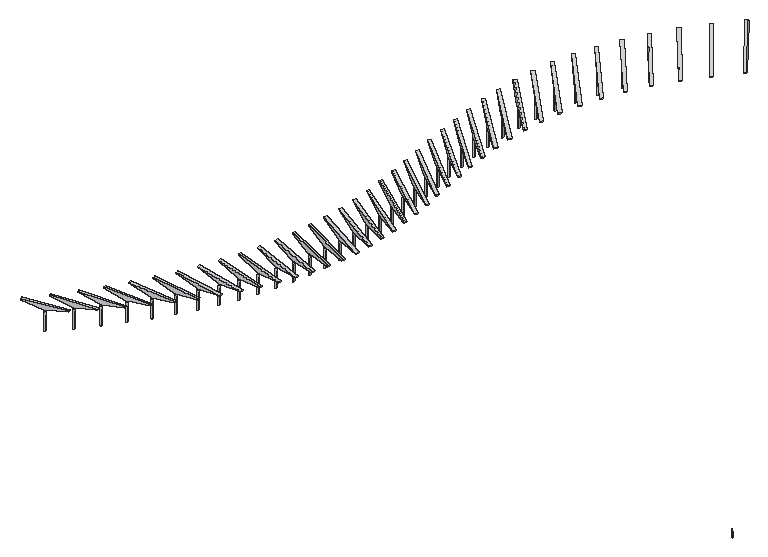
Revit family
Parameters
  Default Elevation = 1.2192 m
Reference planes (m)
  plane 1 "Centro (Fronte/Retro)": y = 0
  plane 2 "Centro (Sinistra/Destra)": x = 0
Lines and regions (m)
  model lines
    curve 1: arc (-7.3679, -5.712176, 0) -> (7.263527, -4.664926, 0) -> (2.753491, 9.293404, 0) r 9.31948
    curve 2: line (-27.857615, 41.631924, 0) -> (-44.94002, -14.830306, 0)
Nested families (m)
  nested 1: "bilancia" at (6.197981, -5.971853, 0) x (0.7201, -0.6938, 0) z (0, 0, 1), type "bilancia"
  nested 2: "FamBilValeria" at (-29.446651, 39.938462, 0) x (-0.5934, 0.8049, 0) z (0, 0, 1), type "Bilancia"
    with angolo1 58.50°, angolo 31.50°
  nested 3: "FamBilValeria" at (-30.817368, 38.263698, 0) x (-0.6273, 0.7788, 0) z (0, 0, 1), type "Bilancia"
    with angolo1 57.00°, angolo 33.00°
  nested 4: "FamBilValeria" at (-31.983697, 36.607551, 0) x (-0.6579, 0.7531, 0) z (0, 0, 1), type "Bilancia"
    with angolo1 55.50°, angolo 34.50°
  nested 5: "FamBilValeria" at (-32.959568, 34.969939, 0) x (-0.6859, 0.7277, 0) z (0, 0, 1), type "Bilancia"
    with angolo1 54.00°, angolo 36.00°
  nested 6: "FamBilValeria" at (-33.758912, 33.350781, 0) x (-0.7114, 0.7028, 0) z (0, 0, 1), type "Bilancia"
    with angolo1 52.50°, angolo 37.50°
  nested 7: "FamBilValeria" at (-34.395657, 31.749995, 0) x (-0.7348, 0.6783, 0) z (0, 0, 1), type "Bilancia"
    with angolo1 51.00°, angolo 39.00°
  nested 8: "FamBilValeria" at (-34.883736, 30.1675, 0) x (-0.7564, 0.6541, 0) z (0, 0, 1), type "Bilancia"
    with angolo1 49.50°, angolo 40.50°
  nested 9: "FamBilValeria" at (-35.237078, 28.603215, 0) x (-0.7764, 0.6302, 0) z (0, 0, 1), type "Bilancia"
    with angolo1 48.00°, angolo 42.00°
  nested 10: "FamBilValeria" at (-35.469613, 27.057058, 0) x (-0.7951, 0.6065, 0) z (0, 0, 1), type "Bilancia"
    with angolo1 46.50°, angolo 43.50°
  nested 11: "FamBilValeria" at (-35.595271, 25.528947, 0) x (-0.8126, 0.5828, 0) z (0, 0, 1), type "Bilancia"
    with angolo1 45.00°, angolo 45.00°
  nested 12: "FamBilValeria" at (-35.627983, 24.018801, 0) x (-0.8292, 0.559, 0) z (0, 0, 1), type "Bilancia"
    with angolo1 43.50°, angolo 46.50°
  nested 13: "FamBilValeria" at (-35.581679, 22.526539, 0) x (-0.8449, 0.5349, 0) z (0, 0, 1), type "Bilancia"
    with angolo1 42.00°, angolo 48.00°
  nested 14: "FamBilValeria" at (-35.47029, 21.052079, 0) x (-0.8599, 0.5104, 0) z (0, 0, 1), type "Bilancia"
    with angolo1 40.50°, angolo 49.50°
  nested 15: "FamBilValeria" at (-35.307744, 19.59534, 0) x (-0.8744, 0.4853, 0) z (0, 0, 1), type "Bilancia"
    with angolo1 39.00°, angolo 51.00°
  nested 16: "FamBilValeria" at (-35.107974, 18.15624, 0) x (-0.8882, 0.4594, 0) z (0, 0, 1), type "Bilancia"
    with angolo1 37.50°, angolo 52.50°
  nested 17: "FamBilValeria" at (-34.884909, 16.734698, 0) x (-0.9016, 0.4325, 0) z (0, 0, 1), type "Bilancia"
    with angolo1 36.00°, angolo 54.00°
  nested 18: "FamBilValeria" at (-34.652479, 15.330633, 0) x (-0.9145, 0.4046, 0) z (0, 0, 1), type "Bilancia"
    with angolo1 34.50°, angolo 55.50°
  nested 19: "FamBilValeria" at (-34.424614, 13.943962, 0) x (-0.9269, 0.3754, 0) z (0, 0, 1), type "Bilancia"
    with angolo1 33.00°, angolo 57.00°
  nested 20: "FamBilValeria" at (-34.215245, 12.574605, 0) x (-0.9386, 0.345, 0) z (0, 0, 1), type "Bilancia"
    with angolo1 31.50°, angolo 58.50°
  nested 21: "FamBilValeria" at (-34.038302, 11.22248, 0) x (-0.9497, 0.3131, 0) z (0, 0, 1), type "Bilancia"
    with angolo1 30.00°, angolo 60.00°
  nested 22: "FamBilValeria" at (-33.907673, 9.887497, 0) x (-0.96, 0.2799, 0) z (0, 0, 1), type "Bilancia"
    with angolo1 28.50°, angolo 61.50°
  nested 23: "FamBilValeria" at (-33.833376, 8.568867, 0) x (-0.9694, 0.2455, 0) z (0, 0, 1), type "Bilancia"
    with angolo1 27.00°, angolo 63.00°
  nested 24: "FamBilValeria" at (-33.818488, 7.264543, 0) x (-0.9777, 0.21, 0) z (0, 0, 1), type "Bilancia"
    with angolo1 25.50°, angolo 64.50°
  nested 25: "FamBilValeria" at (-33.865369, 5.972347, 0) x (-0.9848, 0.1737, 0) z (0, 0, 1), type "Bilancia"
    with angolo1 24.00°, angolo 66.00°
  nested 26: "FamBilValeria" at (-33.976376, 4.690102, 0) x (-0.9906, 0.1367, 0) z (0, 0, 1), type "Bilancia"
    with angolo1 22.50°, angolo 67.50°
  nested 27: "FamBilValeria" at (-34.153867, 3.415629, 0) x (-0.995, 0.0995, 0) z (0, 0, 1), type "Bilancia"
    with angolo1 21.00°, angolo 69.00°
  nested 28: "FamBilValeria" at (-34.4002, 2.146752, 0) x (-0.9981, 0.0623, 0) z (0, 0, 1), type "Bilancia"
    with angolo1 19.50°, angolo 70.50°
  nested 29: "FamBilValeria" at (-34.717734, 0.881292, 0) x (-0.9997, 0.0254, 0) z (0, 0, 1), type "Bilancia"
    with angolo1 18.00°, angolo 72.00°
  nested 30: "FamBilValeria" at (-35.108825, -0.382928, 0) x (-0.9999, -0.0109, 0) z (0, 0, 1), type "Bilancia"
    with angolo1 16.50°, angolo 73.50°
  nested 31: "FamBilValeria" at (-35.575832, -1.648086, 0) x (-0.9989, -0.0463, 0) z (0, 0, 1), type "Bilancia"
    with angolo1 15.00°, angolo 75.00°
  nested 32: "FamBilValeria" at (-36.121113, -2.916359, 0) x (-0.9968, -0.0805, 0) z (0, 0, 1), type "Bilancia"
    with angolo1 13.50°, angolo 76.50°
  nested 33: "FamBilValeria" at (-36.747026, -4.189924, 0) x (-0.9936, -0.1133, 0) z (0, 0, 1), type "Bilancia"
    with angolo1 12.00°, angolo 78.00°
  nested 34: "FamBilValeria" at (-37.455928, -5.47096, 0) x (-0.9895, -0.1445, 0) z (0, 0, 1), type "Bilancia"
    with angolo1 10.50°, angolo 79.50°
  nested 35: "FamBilValeria" at (-38.250178, -6.761645, 0) x (-0.9847, -0.1741, 0) z (0, 0, 1), type "Bilancia"
    with angolo1 9.00°, angolo 81.00°
  nested 36: "FamBilValeria" at (-39.132133, -8.064154, 0) x (-0.9794, -0.2018, 0) z (0, 0, 1), type "Bilancia"
    with angolo1 7.50°, angolo 82.50°
  nested 37: "FamBilValeria" at (-40.104152, -9.380668, 0) x (-0.9737, -0.2278, 0) z (0, 0, 1), type "Bilancia"
    with angolo1 6.00°, angolo 84.00°
  nested 38: "FamBilValeria" at (-41.168592, -10.713362, 0) x (-0.9678, -0.2518, 0) z (0, 0, 1), type "Bilancia"
    with angolo1 4.50°, angolo 85.50°
  nested 39: "FamBilValeria" at (-42.327812, -12.064415, 0) x (-0.9617, -0.2741, 0) z (0, 0, 1), type "Bilancia"
    with angolo1 3.00°, angolo 87.00°
Definition of nested family "bilancia"
  Parameters (values of type "bilancia")
    variazione altezza = -0.10 m
    rastrematura = 0.02 m
    raggio pilastro = larghezza pilastro / 2  # 0.01 m
    mezzatrave = 1.50 m
    luce2 = 0.30 m
    larghezza trave = 4.00 m
    larghezza pilastro = 0.02 m
    giunto = 0.50 m
    angoloFORI2 = angolo + 4.91°  # 76.4751°
    angoloFORI1 = angolo - 4.91°  # 66.6551°
    angolo1 = 90.00° - angolo  # 18.4349°
    angolo = atan(variazione altezza / luce2) + 90.00°  # 71.5651°
    altezza trave = 0.04 m
    altezza pilastro = 0.32 m
  Reference planes (m)
    plane 1 "Centro (Fronte/Retro)": y = 0
    plane 2: z = 0
    plane 3 "Centro (Sinistra/Destra)": x = 0
    plane 4: z = 0.32
    plane 5: through (3.194165, -1.524, -0.734722) normal (-0.3162, 0, -0.9487)
    plane 6: through (-2.245965, -1.524, 1.104529) normal (0.3162, 0, 0.9487)
    plane 7: through (3.386777, -1.524, -0.757528) normal (-0.3162, 0, -0.9487)
    plane 8: x = -0.01
    plane 9: x = 0.01
    plane 10: z = 0.33
    plane 11: through (0, -1.524, 0.33) normal (-0.9487, 0, 0.3162)
    plane 12: through (1.228556, -1.524, 3.049422) normal (0.9487, 0, -0.3162)
    plane 13: through (1.024961, -1.524, 4.371126) normal (0.9487, 0, -0.3162)
    plane 14: through (-1.530935, -1.524, -4.294426) normal (-0.9487, 0, 0.3162)
    plane 15: through (1.109776, -1.524, 3.690952) normal (0.9487, 0, -0.3162)
    plane 16: y = 0.05
    plane 17: y = -0.05
    plane 18: y = 0.001
    plane 19: y = -0.001
    plane 20: through (-0.024004, -1.524, 0.321232) normal (-0.9487, 0, 0.3162)
    plane 21: through (0.022092, -1.524, 0.33303) normal (-0.9487, 0, 0.3162)
    plane 22: through (-0.028744, -1.524, 0.340436) normal (-0.3963, 0, -0.9181)
    plane 23: through (0.019974, -1.524, 0.323376) normal (0.2339, 0, 0.9723)
  Forms (m)
    Extrusion 1, solid
      sketch origin (0, 0, -1.92) x (1, 0, 0) y (0, 0, 1)
        loop
          line (-0.277454, 2.383882) -> (-0.282111, 2.369911) -> (-0.018974, 2.256325) -> (0.018974, 2.243675) -> (0.297635, 2.176662) -> (0.302293, 2.190634) -> (-0.277454, 2.383882)
      from -0.001 to 0.001
    Extrusion 2, solid
      sketch origin (0, 0, -1.92) x (1, 0, 0) y (0, 0, 1)
        loop
          arc (-0.009487, 2.253162) -> (0.003162, 2.259487) -> (0.009487, 2.246838) r 0.01
          line (0.009487, 2.246838) -> (0.018974, 2.243675) -> (0.019606, 2.245573) -> (0.011857, 2.248156)
          arc (0.011857, 2.248156) -> (0.003795, 2.261384) -> (-0.010593, 2.255639) r 0.012
          line (-0.010593, 2.255639) -> (-0.018341, 2.258222) -> (-0.018974, 2.256325) -> (-0.009487, 2.253162)
      from -0.016034 to 0.015954
    Extrusion 3, void
      sketch origin (0, 0, -1.92) x (1, 0, 0) y (0, 0, 1)
        loop
          circle (0, 2.25) r 0.012
      from -0.016034 to 0.015954
    Extrusion 4, solid
      sketch origin (0, 0, 0) x (1, 0, 0) y (0, 1, 0)
        loop
          circle (0, 0) r 0.01
      from 0 to 0.305
    Extrusion 5, solid
      sketch origin (0, 0, 0) x (1, 0, 0) y (0, 0, 1)
        loop
          line (-0.01, 0.305) -> (0.01, 0.305) -> (0.008, 0.317) -> (-0.008, 0.317) -> (-0.01, 0.305)
      from -0.001049 to 0.000954
    Extrusion 6, solid
      sketch origin (0, 0, 0) x (0, 1, 0) y (0, 0, 1)
        loop
          line (0.012034, 0.317) -> (-0.011954, 0.317) -> (-0.006, 0.305) -> (0.006, 0.305) -> (0.012034, 0.317)
      from -0.001037 to 0.000952
    Extrusion 7, solid
      sketch origin (0, 0, 0) x (1, 0, 0) y (0, 0, 1)
        loop
          line (-0.008, 0.317) -> (0.008, 0.317) -> (0.008, 0.321056)
          arc (0.008, 0.321056) -> (0, 0.318) -> (-0.008, 0.321056) r 0.012
          line (-0.008, 0.321056) -> (-0.008, 0.317)
      from -0.016034 to 0.015954
    Extrusion 8, solid
      sketch origin (0, 0, 0) x (1, 0, 0) y (0, 0, 1)
        loop
          line (-0.022, 0) -> (-0.01, 0) -> (-0.01, 0.015) -> (-0.022, 0.005) -> (-0.022, 0)
      from -0.001 to 0.001
    Extrusion 9, solid
      sketch origin (0, 0, 0) x (1, 0, 0) y (0, 0, 1)
        loop
          line (0.01, 0) -> (0.022, 0) -> (0.022, 0.005) -> (0.01, 0.015) -> (0.01, 0)
      from -0.001 to 0.001
    Extrusion 10, solid
      sketch origin (0, 0, 0) x (0, 1, 0) y (0, 0, 1)
        loop
          line (-0.01, 0) -> (-0.01, 0.015) -> (-0.022, 0.005) -> (-0.022, 0) -> (-0.01, 0)
      from -0.001005 to 0.000955
    Extrusion 11, solid
      sketch origin (0, 0, 0) x (0, 1, 0) y (0, 0, 1)
        loop
          line (0.01, 0) -> (0.022005, 0) -> (0.022005, 0.005) -> (0.01, 0.015) -> (0.01, 0)
      from -0.001005 to 0.000955
    Extrusion 12, void
      sketch origin (0, 0, 0) x (1, 0, 0) y (0, 0, 1)
        loop
          circle (-0.229651, 0.433365) r 0.003
        loop
          circle (-0.204499, 0.423451) r 0.004
        loop
          circle (-0.174688, 0.4117) r 0.005
        loop
          circle (-0.140218, 0.398113) r 0.006
        loop
          circle (-0.10109, 0.382691) r 0.007
        loop
          circle (-0.057304, 0.365431) r 0.008
      from -0.001 to 0.001
    Extrusion 13, void
      sketch origin (0.164116, 0, 0.044566) x (-0.86722, 0, -0.497925) y (0.497925, 0, -0.86722)
        loop
          circle (-0.185913, -0.159498) r 0.003
        loop
          circle (-0.166869, -0.178689) r 0.004
        loop
          circle (-0.144298, -0.201433) r 0.005
        loop
          circle (-0.1182, -0.227733) r 0.006
        loop
          circle (-0.088575, -0.257586) r 0.007
        loop
          circle (-0.055424, -0.290993) r 0.008
      from -0.001 to 0.001
    Extrusion 14, solid
      sketch origin (-1.120332, 0, 2.281245) x (0.86722, 0, 0.497925) y (-0.497925, 0, 0.86722)
        loop
          line (-0.006653, -2.242534) -> (-0.013305, -2.235068) -> (-0.014798, -2.236398) -> (-0.009365, -2.242496)
          arc (-0.009365, -2.242496) -> (-0.008959, -2.257983) -> (0.006378, -2.260165) r 0.012
          line (0.006378, -2.260165) -> (0.011812, -2.266263) -> (0.013305, -2.264932) -> (0.006653, -2.257466)
          arc (0.006653, -2.257466) -> (-0.007466, -2.256653) -> (-0.006653, -2.242534) r 0.01
      from -0.016034 to 0.015954
    Extrusion 15, solid
      sketch origin (0, 0, 0) x (1, 0, 0) y (0, 0, 1)
        loop
          line (-0.018974, 0.336325) -> (0.018974, 0.323675) -> (0.025298, 0.342649) -> (-0.012649, 0.355298) -> (-0.018974, 0.336325)
      from -0.004 to 0.004
  Cuts and joins
    Extrusion 3, Extrusion 12, Extrusion 13 cuts Extrusion 1
    Extrusion 3 cuts Extrusion 15
  Dimensions and locks (m)
    equal spacing: plane 8, plane 3 "Centro (Sinistra/Destra)", plane 9
    "larghezza pilastro": plane 8 to plane 9
    "altezza pilastro": plane 4 to level
    equal spacing: plane 14, plane 11, plane 15
    "larghezza pilastro": plane 14 to plane 15
    Extrusion 2 sketch curve to Extrusion 2 sketch curve = 0.002 m  (x2)
    equal spacing: plane 20, plane 11, plane 21
    plane 20 to plane 21 = 0.04 m
    Extrusion 2 sketch curve to Extrusion 2 sketch curve = 0.01 m  (x2)
    plane 22 to Extrusion 12 sketch curve = 0.011632 m
    plane 22 to Extrusion 12 sketch curve = 0.010127 m
    plane 22 to Extrusion 12 sketch curve = 0.008782 m
    plane 22 to Extrusion 12 sketch curve = 0.007598 m
    plane 22 to Extrusion 12 sketch curve = 0.006573 m
    plane 22 to Extrusion 12 sketch curve = 0.005709 m
    Extrusion 12 sketch curve to plane 13 = 0.055 m
    Extrusion 12 sketch curve to plane 13 = 0.081997 m
    Extrusion 12 sketch curve to plane 13 = 0.113994 m
    Extrusion 12 sketch curve to plane 13 = 0.150991 m
    Extrusion 12 sketch curve to plane 13 = 0.192988 m
    Extrusion 12 sketch curve to plane 13 = 0.239986 m
    Extrusion 13 sketch curve to plane 23 = 0.012175 m
    Extrusion 13 sketch curve to plane 23 = 0.01067 m
    Extrusion 13 sketch curve to plane 23 = 0.009326 m
    Extrusion 13 sketch curve to plane 23 = 0.008141 m
    Extrusion 13 sketch curve to plane 23 = 0.007117 m
    Extrusion 13 sketch curve to plane 23 = 0.006252 m
    cut or joined group of Extrusion 1, Extrusion 3, Extrusion 12, Extrusion 13 to Extrusion 13 sketch curve = 0.055 m
    cut or joined group of Extrusion 1, Extrusion 3, Extrusion 12, Extrusion 13 to Extrusion 13 sketch curve = 0.081997 m
    cut or joined group of Extrusion 1, Extrusion 3, Extrusion 12, Extrusion 13 to Extrusion 13 sketch curve = 0.113994 m
    cut or joined group of Extrusion 1, Extrusion 3, Extrusion 12, Extrusion 13 to Extrusion 13 sketch curve = 0.150991 m
    cut or joined group of Extrusion 1, Extrusion 3, Extrusion 12, Extrusion 13 to Extrusion 13 sketch curve = 0.192988 m
    cut or joined group of Extrusion 1, Extrusion 3, Extrusion 12, Extrusion 13 to Extrusion 13 sketch curve = 0.239986 m
    Extrusion 14 sketch curve to Extrusion 14 sketch curve = 0.002 m  (x2)
    Extrusion 14 sketch curve to Extrusion 14 sketch curve = 0.01 m  (x2)
    Extrusion 15 sketch curve to plane 5 = 0.02 m
    radius of Extrusion 2 sketch curve = 0.01 m
    radius of Extrusion 2 sketch curve = 0.012 m
    radius of Extrusion 14 sketch curve = 0.01 m
    radius of Extrusion 14 sketch curve = 0.012 m
    "angolo": angle plane 3 "Centro (Sinistra/Destra)" to plane 5
    "angolo": angle plane 3 "Centro (Sinistra/Destra)" to plane 6
    "angolo": angle plane 3 "Centro (Sinistra/Destra)" to plane 7
    "angolo1": angle plane 11 to plane 3 "Centro (Sinistra/Destra)"
    "angolo": angle plane 10 to plane 13
    "angolo": angle plane 10 to plane 20
    "angolo": angle plane 10 to plane 21
    "angoloFORI1": angle plane 3 "Centro (Sinistra/Destra)" to plane 22
    "angoloFORI2": angle plane 3 "Centro (Sinistra/Destra)" to plane 23
    "angolo": angle plane 10 to plane 12
  Automatic sketch dimensions
    Extrusion 1 sketch curve to plane 7 = 0.00 m
    Extrusion 1 sketch curve to plane 13 = 0.00 m  (x2)
    plane 6 to Extrusion 1 sketch curve = 0.00 m  (x2)
    Extrusion 1 sketch curve to plane 5 = 0.00 m  (x2)
    plane 20 to Extrusion 1 sketch curve = 0.00 m
    plane 21 to Extrusion 1 sketch curve = 0.00 m
    Extrusion 1 sketch curve to plane 12 = 0.00 m
    Extrusion 2 sketch curve to Extrusion 2 sketch curve = 0.00 m  (x2)
    plane 20 to Extrusion 2 sketch curve = 0.00 m  (x2)
    Extrusion 2 sketch curve to plane 5 = 0.00 m  (x2)
    Extrusion 2 sketch curve to plane 3 "Centro (Sinistra/Destra)" = 0.00 m
    plane 14 to Extrusion 2 sketch curve = 0.00 m
    plane 21 to Extrusion 2 sketch curve = 0.00 m
    Extrusion 3 sketch curve to plane 3 "Centro (Sinistra/Destra)" = 0.00 m
    Extrusion 3 sketch curve to plane 5 = 0.00 m
    plane 1 "Centro (Fronte/Retro)" to Extrusion 4 sketch curve = 0.00 m
    Extrusion 4 sketch curve to plane 3 "Centro (Sinistra/Destra)" = 0.00 m
    plane 8 to Extrusion 5 sketch curve = 0.00 m
    Extrusion 5 sketch curve to plane 9 = 0.00 m
    Extrusion 5 sketch curve to plane 8 = 0.002 m
    Extrusion 5 sketch curve to plane 9 = 0.002 m
    Extrusion 5 sketch curve to plane 4 = 0.015 m
    Extrusion 5 sketch curve to plane 4 = 0.003 m
    Extrusion 6 sketch curve to plane 4 = 0.003 m
    plane 19 to Extrusion 6 sketch curve = 0.010954 m
    plane 19 to Extrusion 6 sketch curve = 0.005 m
    Extrusion 6 sketch curve to plane 18 = 0.005 m
    Extrusion 6 sketch curve to plane 18 = 0.011034 m
    Extrusion 6 sketch curve to Extrusion 6 sketch curve = 0.012 m
    Extrusion 7 sketch curve to plane 3 "Centro (Sinistra/Destra)" = 0.00 m
    Extrusion 7 sketch curve to plane 5 = 0.00 m
    Extrusion 7 sketch curve to plane 8 = 0.002 m
    Extrusion 7 sketch curve to plane 9 = 0.002 m
    plane 4 to Extrusion 7 sketch curve = 0.001056 m
    Extrusion 7 sketch curve to plane 4 = 0.003 m
    Extrusion 8 sketch curve to level = 0.00 m
    plane 8 to Extrusion 8 sketch curve = 0.00 m
    Extrusion 8 sketch curve to Extrusion 8 sketch curve = 0.012 m
    Extrusion 8 sketch curve to Extrusion 8 sketch curve = 0.005 m
    Extrusion 8 sketch curve to Extrusion 8 sketch curve = 0.015 m
    Extrusion 9 sketch curve to plane 9 = 0.00 m
    Extrusion 9 sketch curve to level = 0.00 m
    level to Extrusion 9 sketch curve = 0.005 m
    plane 9 to Extrusion 9 sketch curve = 0.012 m
    Extrusion 9 sketch curve to Extrusion 9 sketch curve = 0.015 m
    Extrusion 10 sketch curve to level = 0.00 m
    level to Extrusion 10 sketch curve = 0.005 m
    plane 19 to Extrusion 10 sketch curve = 0.021 m
    plane 19 to Extrusion 10 sketch curve = 0.009 m
    Extrusion 10 sketch curve to Extrusion 10 sketch curve = 0.015 m
    Extrusion 11 sketch curve to level = 0.00 m
    Extrusion 11 sketch curve to plane 18 = 0.009 m
    level to Extrusion 11 sketch curve = 0.005 m
    Extrusion 11 sketch curve to Extrusion 11 sketch curve = 0.012005 m
    Extrusion 11 sketch curve to Extrusion 11 sketch curve = 0.015 m
    Extrusion 14 sketch curve to Extrusion 14 sketch curve = 0.00 m  (x2)
    plane 20 to Extrusion 14 sketch curve = 0.00 m  (x2)
    Extrusion 14 sketch curve to plane 5 = 0.00 m  (x3)
    Extrusion 14 sketch curve to plane 3 "Centro (Sinistra/Destra)" = 0.00 m
    plane 21 to Extrusion 14 sketch curve = 0.00 m
    plane 20 to Extrusion 15 sketch curve = 0.00 m
    Extrusion 15 sketch curve to plane 5 = 0.00 m
    plane 21 to Extrusion 15 sketch curve = 0.00 m
    radius of Extrusion 3 sketch curve = 0.012 m
    radius of Extrusion 4 sketch curve = 0.01 m
    radius of Extrusion 12 sketch curve = 0.003 m
    radius of Extrusion 12 sketch curve = 0.004 m
    radius of Extrusion 12 sketch curve = 0.005 m
    radius of Extrusion 12 sketch curve = 0.006 m
    radius of Extrusion 12 sketch curve = 0.007 m
    radius of Extrusion 12 sketch curve = 0.008 m
    radius of Extrusion 13 sketch curve = 0.003 m
    radius of Extrusion 13 sketch curve = 0.004 m
    radius of Extrusion 13 sketch curve = 0.005 m
    radius of Extrusion 13 sketch curve = 0.006 m
    radius of Extrusion 13 sketch curve = 0.007 m
    radius of Extrusion 13 sketch curve = 0.008 m
Definition of nested family "FamBilValeria"
  Parameters (values of type "Bilancia")
    trave = 0.60 m
    spessoreTrave = 0.20 m
    raggioPilastro = 0.06 m
    lenghtTrave = 3.20 m
    larghezzaPilastro = raggioPilastro * 2  # 0.12 m
    angolo1 [instance] = 90.00° - angolo  # 20.00°
    angolo [instance] = 70.00°
    altezzaPlastro = 1.30 m
    altezzaMinimaTrave = 0.05 m
    altezzaMezzoGiunto = 0.05 m
    altezzaMensola = 0.30 m
  Reference planes (m)
    plane 1 "Centro (Fronte/Retro)": y = 0
    plane 2: z = 0
    plane 3 "Centro (Sinistra/Destra)": x = 0
    plane 4: z = 1.3
    plane 5: through (-1.382707, -1.524, 0.946736) normal (-0.342, 0, 0.9397)
    plane 6: through (-1.079232, -1.524, 1.482863) normal (-0.342, 0, 0.9397)
    plane 7: through (-1.296442, -1.524, 1.031343) normal (-0.342, 0, 0.9397)
    plane 8: z = 1.45
    plane 9: through (0, -1.524, 1.45) normal (-0.9397, 0, -0.342)
    plane 10: through (0.310904, -1.524, 5.273886) normal (0.9397, 0, 0.342)
    plane 11: through (-2.481236, -1.524, 3.589052) normal (0.9397, 0, 0.342)
    plane 12: through (-2.271212, -1.524, 0.995809) normal (-0.342, 0, 0.9397)
    plane 13: through (-0.725866, -1.524, 3.268873) normal (0.9397, 0, 0.342)
    plane 14: through (-0.595049, -1.524, 3.260313) normal (0.9397, 0, 0.342)
    plane 15: y = 0.1
    plane 16: y = -0.1
  Forms (m)
    Extrusion 1, solid
      sketch origin (0, 0, 0) x (1, 0, 0) y (0, 1, 0)
        loop
          circle (0, 0) r 0.06
      from 0 to 1.3
    Extrusion 2, solid
      sketch origin (0, 0, 0) x (1, 0, 0) y (0, 0, 1)
        loop
          line (-1.640316, 1.278645) -> (-1.623215, 1.23166) -> (-0.073483, 1.476463) -> (0.039281, 1.517506) -> (1.383801, 2.326125) -> (1.3667, 2.373109) -> (-1.640316, 1.278645)
      from -0.1 to 0.1
  Dimensions and locks (m)
    "altezzaPlastro": plane 4 to plane 2
    "altezzaMezzoGiunto": plane 7 to plane 5
    locked: plane 8 to plane 4 at 0.15
    equal spacing: plane 10, plane 9, plane 11
    "lenghtTrave": plane 10 to plane 11
    "altezzaMinimaTrave": plane 6 to plane 12
    equal spacing: plane 14, plane 9, plane 13
    "larghezzaPilastro": plane 14 to plane 13
    equal spacing: plane 16, plane 1 "Centro (Fronte/Retro)", plane 15
    "spessoreTrave": plane 16 to plane 15
    "altezzaMensola": plane 12 to plane 7
    "raggioPilastro": radius of Extrusion 1 sketch curve
    "angolo": angle plane 5 to plane 3 "Centro (Sinistra/Destra)"
    "angolo": angle plane 7 to plane 3 "Centro (Sinistra/Destra)"
    "angolo": angle plane 6 to plane 3 "Centro (Sinistra/Destra)"
    "angolo1": angle plane 3 "Centro (Sinistra/Destra)" to plane 9
    "angolo": angle plane 10 to plane 8
    "angolo": angle plane 11 to plane 8
    "angolo": angle plane 12 to plane 3 "Centro (Sinistra/Destra)"
    "angolo": angle plane 13 to plane 2
    "angolo": angle plane 14 to level
    aligned and locked: plane 4 to Extrusion 1
    aligned and locked: Extrusion 2 sketch curve to plane 11
    aligned and locked: plane 6 to Extrusion 2 sketch curve
    aligned and locked: plane 10 to Extrusion 2 sketch curve
    aligned and locked: Extrusion 2 sketch curve to plane 7
    aligned and locked: plane 15 to Extrusion 2
    aligned and locked: Extrusion 2 to plane 16
  Automatic sketch dimensions
    plane 1 "Centro (Fronte/Retro)" to Extrusion 1 sketch curve = 0.00 m
    Extrusion 1 sketch curve to plane 3 "Centro (Sinistra/Destra)" = 0.00 m
    plane 12 to Extrusion 2 sketch curve = 0.00 m  (x2)
    Extrusion 2 sketch curve to plane 13 = 0.00 m
    Extrusion 2 sketch curve to plane 14 = 0.00 m
